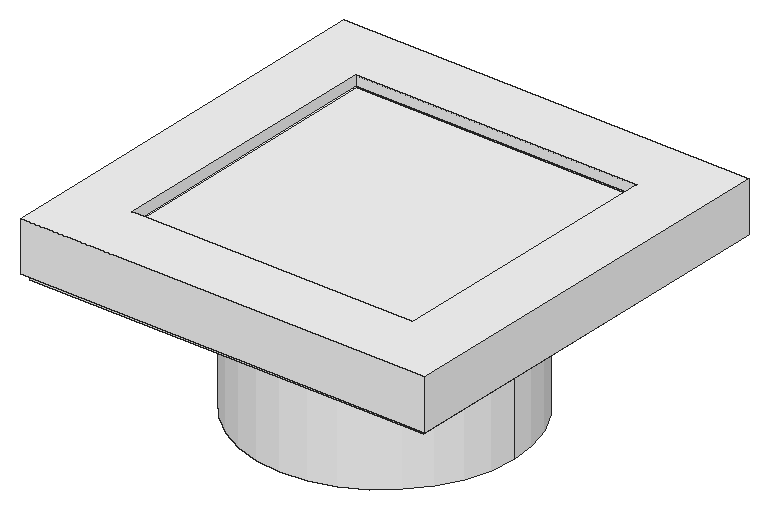
Revit family "Gira_0128600", category Electrical Fixtures, host Face, Revit 2017
Family settings
  Host = Face
  Maintain Annotation Orientation = Yes
  Round Connector Dimension = Use Diameter
  Part Type = Normal
  Cut with Voids When Loaded = No
  Shared = No
  Room Calculation Point = No
Parameters (values of type "Tastschalter Wechselsch. 2f System 55 Edelstahl")
  Zusammenstellung = "Basiselement mit zentraler Abdeckplatte"
  White [instance] = White
  Werkstoffgüte = "sonstige"
  Werkstoff = "sonstige"
  Waschmaschinenschalter = "No"
  URL = "http://katalog.gira.de/de_DE/datenblatt.html?artikelnr=0128600"
  Textfeld/Beschriftungsfläche = "nein"
  Tastschalter = "Yes"
  Schaltungsart = "Wechsel-/Wechselschalter"
  Rückmeldekontakt = "No"
  Region = "DE"
  Oberfläche = "sonstige"
  Nennspannung = "250 Volt"
  Name = "Tastschalter Wechselsch. 2f System 55 Edelstahl"
  Montageart = "unter Putz"
  Model = "Sys55_Komplettgerät_Schalten und Tasten"
  Mit Montageplatte = "No"
  Manufacturer URL = "https://www.gira.de/"
  HeinzeBIM = "https://bimportal.heinze.de/bim/tastschalter-wechselsch-2f-system-55-edelstahl/c475eabdcfd9fc7a5843016431b6d699115df3e3"
  Halogenfrei = "No"
  HAN = "0128600"
  Geeignet für Schutzart (IP) = "IP20"
  GTIN = "4010337021797"
  Farbe = "edelstahl"
  Default Elevation = 1219.2 mm
  Data sheet (1) = "https://katalog.gira.de/de_DE/download.html?artikelnr=0128600"
  Category = "Installationsschalter"
  Bemessungsstrom = "10 Ampere"
  Beleuchtung = "nein"
  Befestigungsart = "Krallen-/Schraubbefestigung"
  Bedienungsart = "Wippe/Taste"
  Available = "Yes"
  Ausführung der Oberfläche = "glänzend"
  Anzahl der Module (bei Modulbauweise) = "1 "
  Anzahl der Betätigungswippen = "2 "
  Anschlussart = "Steckklemme"
Reference planes
  plane 1 "Center (Front/Back)": y = 0
  plane 2: z = 0
  plane 3 "Center (Left/Right)": x = 0
Forms (mm)
  Extrusion 1, solid, material "White" <- "White", detail levels medium
    sketch origin (0, 0, 0) x (1, 0, 0) y (0, 1, 0)
      loop
        line (-40.4, 40.4) -> (-40.4, -40.4) -> (40.4, -40.4) -> (40.4, 40.4) -> (-40.4, 40.4)
      loop
        line (-28, 28) -> (-28, -28) -> (28, -28) -> (28, 28) -> (-28, 28)
    from 0 to 10
  Extrusion 2, solid, material "White" <- "White", detail levels fine
    sketch origin (0, 0, 0) x (1, 0, 0) y (0, 1, 0)
      loop
        line (-40.4, 40.4) -> (-40.4, -40.4) -> (40.4, -40.4) -> (40.4, 40.4) -> (-40.4, 40.4)
      loop
        line (-28, 28) -> (-28, -28) -> (28, -28) -> (28, 28) -> (-28, 28)
    from 0 to 10
  Extrusion 3, void
    sketch origin (0, 0, 0) x (1, 0, 0) y (0, 1, 0)
      loop
        line (-38.4, 38.4) -> (-38.4, -38.4) -> (38.4, -38.4) -> (38.4, 38.4) -> (-38.4, 38.4)
    from 0 to 8
  Extrusion 4, solid, material "White" <- "White", detail levels medium+fine
    sketch origin (0, 0, 0) x (1, 0, 0) y (0, 1, 0)
      loop
        line (-39.4, 39.4) -> (-39.4, -39.4) -> (39.4, -39.4) -> (39.4, 39.4) -> (-39.4, 39.4)
    from 0 to -1
  Extrusion 5, solid, material "White" <- "White", detail levels medium+fine
    sketch origin (0, 0, 0) x (1, 0, 0) y (0, 1, 0)
      loop
        line (-35.5, 35.5) -> (-35.5, -35.5) -> (35.5, -35.5) -> (35.5, 35.5) -> (-35.5, 35.5)
    from -2 to -3
  Extrusion 6, solid, material "White" <- "White", detail levels medium+fine
    sketch origin (0, 0, 0) x (1, 0, 0) y (0, 1, 0)
      loop
        circle (0, 0) r 26
    from 0 to -27.5
  Extrusion 7, solid, material "White" <- "White", detail levels coarse
    sketch origin (0, 0, 0) x (1, 0, 0) y (0, 1, 0)
      loop
        line (-40.4, 40.4) -> (-40.4, -40.4) -> (40.4, -40.4) -> (40.4, 40.4) -> (-40.4, 40.4)
    from -27.5 to 10
Cuts and joins
  Extrusion 3 cuts Extrusion 2
Dimensions and locks
  aligned and locked: plane 2 to host face
  aligned and locked: level to host face
  aligned and locked: plane 3 "Center (Left/Right)" to nested 2
  aligned and locked: plane 1 "Center (Front/Back)" to nested 2
Nested families
  nested 1: "Sys55_Abdeckung_Schalten und Tasten_floor_base" at (0, 0, 0), type "Sys55_Abdeckung_Schalten und Tasten_floor_base"
  nested 2: "Schalter" at (0, 0, 0), type "Schalter"
Connectors
  electrical at (0, 0, -27.5)
    settings: on Extrusion 6, index 1, voltage 220 V, apparent load 0 VA, apparent load phase1 0 VA, apparent load phase2 0 VA, apparent load phase3 0 VA, power factor 1, load classification "Other", number of poles 1, system type 30, power factor state 1, is connector primary yes, connector utility no, sub classification motor no, connector description ""
Definition of nested family "Sys55_Abdeckung_Schalten und Tasten_floor_base"
  Parameters
    Default Elevation = 1219.2 mm
    White [instance] = none
  Reference planes
    plane 1 "Center (Front/Back)": y = 0
    plane 2: z = 0
    plane 3 "Center (Left/Right)": x = 0
  Forms (mm)
    Extrusion 1, solid
      sketch origin (0, 0, 0) x (1, 0, 0) y (0, 1, 0)
        loop
          line (-1219.2, 1219.2) -> (-1219.2, -1219.2) -> (1219.2, -1219.2) -> (1219.2, 1219.2) -> (-1219.2, 1219.2)
      from 0 to -304.8
    Extrusion 2, solid, material <- "White", detail levels fine
      sketch origin (0, 0, 0) x (1, 0, 0) y (0, 1, 0)
        loop
          line (-27.5, 27.5) -> (-27.5, -27.5) -> (27.5, -27.5) -> (27.5, 27.5) -> (-27.5, 27.5)
      from 0 to 8
    Extrusion 3, void
      sketch origin (0, 0, 0) x (1, 0, 0) y (0, 1, 0)
        loop
          line (26, 26) -> (-26, 26) -> (-26, -26) -> (26, -26) -> (26, 26)
      from 0 to 6
    Extrusion 4, solid, material <- "White", detail levels medium
      sketch origin (0, 0, 0) x (1, 0, 0) y (0, 1, 0)
        loop
          line (-27.5, 27.5) -> (-27.5, -27.5) -> (27.5, -27.5) -> (27.5, 27.5) -> (-27.5, 27.5)
      from 0 to 8
    Extrusion 5, solid, material <- "White", detail levels medium
      sketch origin (0, 0, 0) x (1, 0, 0) y (0, 1, 0)
        loop
          line (11, -17.5) -> (11, 17.5) -> (-11, 17.5) -> (-11, -17.5) -> (11, -17.5)
      from -6 to 6
    Extrusion 6, solid, material <- "White", detail levels fine
      sketch origin (0, 0, 0) x (1, 0, 0) y (0, 1, 0)
        loop
          line (11, 17.5) -> (-11, 17.5) -> (-11, 16.5) -> (11, 16.5) -> (11, 17.5)
        loop
          line (-11, -16.5) -> (-11, -17.5) -> (11, -17.5) -> (11, -16.5) -> (-11, -16.5)
      from -4 to 6
    Extrusion 7, solid, material <- "White", detail levels fine
      sketch origin (0, 0, 0) x (1, 0, 0) y (0, 1, 0)
        loop
          arc (5, 9.347) -> (0, 10.6) -> (-5, 9.347) r 10.6
          line (-5, 9.347) -> (-5, -9.347)
          arc (-5, -9.347) -> (0, -10.6) -> (5, -9.347) r 10.6
          line (5, -9.347) -> (5, 9.347)
      from -6 to 6
    Extrusion 8, solid, material <- "White", detail levels coarse
      sketch origin (0, 0, 0) x (1, 0, 0) y (0, 1, 0)
        loop
          line (-27.5, 27.5) -> (-27.5, -27.5) -> (27.5, -27.5) -> (27.5, 27.5) -> (-27.5, 27.5)
      from -6 to 8
  Cuts and joins
    Extrusion 3 cuts Extrusion 2
  Dimensions and locks
    aligned and locked: plane 2 to Extrusion 1
    aligned and locked: level to Extrusion 1
Definition of nested family "Schalter"
  Reference planes
    plane 1: y = 0
    plane 2: x = 0
  Lines and regions (mm)
    detail lines
      curve 1: circle (1.375, 2.778, 0) r 0.8 normal (0, 0, 1)
      curve 2: line (1.021, 2.061, 0) -> (0, 0, 0)
      curve 3: line (0, 0, 0) -> (-0.538, 0.266, 0)
  Dimensions and locks
    curve 2 to curve 2 = 2.3 mm
    curve 3 to curve 2 = 0.6 mm
    radius of curve 1 = 0.8 mm
